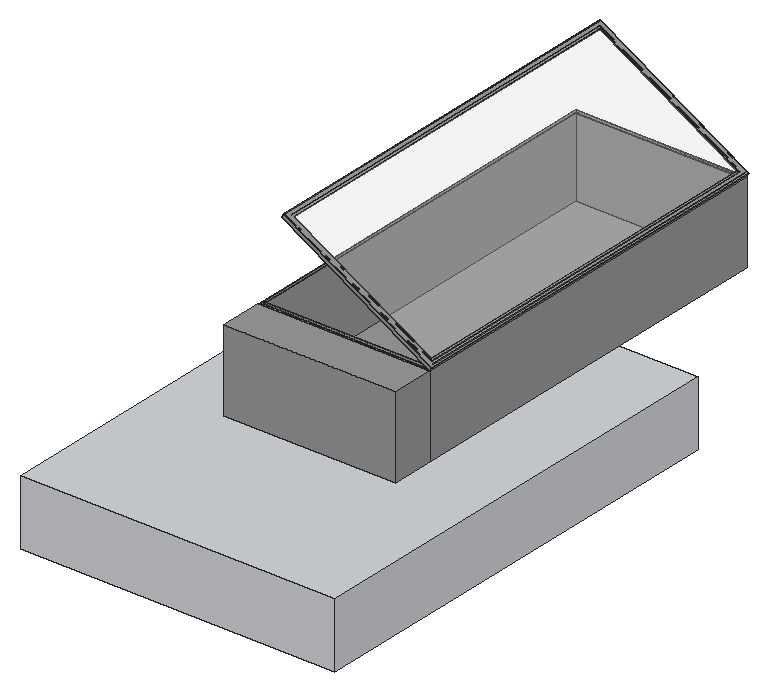
Revit family "Hager-Univers-IP55-D400-H2050-Cl.II-Steel_encl-DE-de", category Equipement électrique, Revit 2020
Family settings
  Hôte = Face
  Configuration du panneau = Deux colonnes, circuits au sein
  Cote de connecteur circulaire = Utiliser le diamètre
  Type d'élément = Tableau de raccordement
  Couper avec des vides une fois chargée = Non
  Partagée = Non
  Point de calcul de pièce = Non
Parameters (values of type "Bodenaufstellung IP55 B800 H2050 T400  - FR23U2")
  Width Control [instance] = if([EF000008 - Breite] > Min Width, [EF000008 - Breite], Min Width)  # 800 mm
  Commentaires du type = [HG000003 - Bereich]  # "Univers"
  Thickness Door [instance] = if([EF009171 - Materialstärke Tür/Deckel] > 3 mm, 3 mm, [EF009171 - Materialstärke Tür/Deckel])  # 1.5 mm
  Seal Frame Offset [instance] = 17 mm  # constant formula
  Plinth Visibility [instance] = [HG000027 - Sockelhöhe] > 0 mm  # yes
  Model = ""
  Min Width [instance] = 100 mm  # constant formula
  Min Height [instance] = 100 mm  # constant formula
  Min Depth [instance] = (2 * [EF009170 - Materialstärke Gehäuse]) + 1 mm  # 4 mm
  Internal Frame Depth [instance] = (Door System Depth * 0.5)  # 9 mm
  Height Control [instance] = if([EF000040 - Höhe] > Min Height, [EF000040 - Höhe], Min Height)  # 2050 mm
  HG000027 - Sockelhöhe = 200 mm
  HG000026 - Stehend auf dem Boden = yes
  HG000024 - Höhe des unteren Teils = 800 mm
  HG000023 - Gehäuse mit doppeltem Querschnitt = no
  HG000016 - 3D-Türsichtbarkeit [instance] = yes
  HG000015 - Sichtbarkeit der Türöffnung [instance] = no
  HG000014 - Tür rechts [instance] = yes
  HG000013 - Tür links [instance] = not([HG000014 - Tür rechts])  # no
  HG000012 - Türschwenkwinkel [instance] = 30.00°
  HG000010 - Asymmetrische Türen = no
  HG000009 - Doppelflügeligen Tür = no
  HG000006 - Unterputz = no
  HG000004 - Herstellerreferenz = "FR23U2"
  HG000003 - Bereich = "Univers"
  HG000002 - Mit tür = yes
  Frame Offset Bottom [instance] = 10 mm  # constant formula
  Frame Offset [instance] = 15 mm  # constant formula
  EF015940 - Deckel mit Überdruckentlastung = no
  EF011959 - Schutzart (NEMA) = ""
  EF009554 - Anzahl der Öffnungen für Flanschplatten = 6
  Fabricant = "Hager"  # constant formula
  EF009212 - Ausführung Deckel = "EV000116 - geschlossen"
  EF009171 - Materialstärke Tür/Deckel = 1.5 mm
  EF009170 - Materialstärke Gehäuse = 1.5 mm
  EF008873 - Nennstrom (In) = 800 A
  EF007800 - Geeignet für Blitzschutz = no
  EF006306 - Mit Schloss = no
  EF006244 - Transparenter Deckel/Tür = yes
  EF005474 - Schutzart (IP) = "EV006420 - IP55"
  EF004464 - Art der Tür = "EV002646 - Einzel"
  EF004427 - Anzahl der Module = 432
  EF004293 - Schlagfestigkeit = "EV008784 - IK10"
  EF003532 - Geeignet für Außengebrauch = no
  EF002950 - Breite in Teilungseinheiten = 24
  EF001613 - Funktionserhalt = "EV000494 - ohne"
  EF001596 - Werkstoff des Gehäuses = "EV000179 - Stahl"
  EF001131 - Innentiefe = 400 mm
  EF001088 - Anbaumöglichkeit = yes
  EF000437 - Anzahl der Leitungseinführungen = 6
  EF000339 - Art der Abdeckung = "EV004216 - Tür"
  EF000266 - Anzahl der Reihen = 12
  EF000218 - Einbautiefe = 0 mm
  EF000118 - Mit Montageplatte = no
  EF000116 - RAL-Nummer = "7035"
  EF000049 - Tiefe = 400 mm
  EF000040 - Höhe = 2050 mm
  EF000008 - Breite = 800 mm
  EF000007 - Farbe = "EV000270 - grau"
  EF000003 - Montageart = "EV012274 - Bodenaufstellung"
  Door System Leaf Tolerance [instance] = 1.5 mm  # constant formula
  Door System Depth [instance] = 18 mm  # constant formula
  Door Height [instance] = Height Control - [HG000027 - Sockelhöhe]  # 1850 mm
  Depth Control [instance] = if([EF000049 - Tiefe] > Min Depth, [EF000049 - Tiefe], Min Depth)  # 400 mm
  Default Elevation = 0 mm
  Connector Offset [instance] = Height Control / 2  # 1025 mm
  Bottom Top Plate Trim [instance] = 1.5 mm  # constant formula
  Plinth height Ctrl [instance] = if([HG000027 - Sockelhöhe] > 0 mm, [HG000027 - Sockelhöhe], 12 mm)  # 200 mm
Types (11, lengths in mm): name | Width Control | HG000010 - Asymmetrische Türen | HG000009 - Doppelflügeligen Tür | HG000004 - Herstellerreferenz | EF009554 - Anzahl der Öffnungen für Flanschplatten | EF006244 - Transparenter Deckel/Tür | EF004464 - Art der Tür | EF004427 - Anzahl der Module | EF000437 - Anzahl der Leitungseinführungen | EF000008 - Breite
  Bodenaufstellung IP55 B1050 H2050 T400  - FR24H2 | 1050 | yes | yes | "FR24H2" | 8 | no | "EV003602 - Doppel" | 576 | 8 | 1050
  Bodenaufstellung IP55 B1050 H2050 T400  - FR24U2 | 1050 | yes | yes | "FR24U2" | 8 | yes | "EV003602 - Doppel" | 576 | 8 | 1050
  Bodenaufstellung IP55 B1300 H2050 T400  - FR25H2 | 1300 | yes | yes | "FR25H2" | 10 | no | "EV003602 - Doppel" | 720 | 10 | 1300
  Bodenaufstellung IP55 B1300 H2050 T400  - FR25U2 | 1300 | yes | yes | "FR25U2" | 10 | yes | "EV003602 - Doppel" | 720 | 10 | 1300
  Bodenaufstellung IP55 B1550 H2050 T400  - FR26H2 | 1550 | yes | yes | "FR26H2" | 12 | no | "EV003602 - Doppel" | 864 | 12 | 1550
  Bodenaufstellung IP55 B1550 H2050 T400  - FR26U2 | 1550 | yes | yes | "FR26U2" | 12 | yes | "EV003602 - Doppel" | 864 | 12 | 1550
  Bodenaufstellung IP55 B300 H2050 T400  - FR21H2 | 300 | no | no | "FR21H2" | 2 | no | "EV002646 - Einzel" | 144 | 2 | 300
  Bodenaufstellung IP55 B550 H2050 T400  - FR22H2 | 550 | no | no | "FR22H2" | 4 | no | "EV002646 - Einzel" | 288 | 4 | 550
  Bodenaufstellung IP55 B550 H2050 T400  - FR22U2 | 550 | no | no | "FR22U2" | 4 | yes | "EV002646 - Einzel" | 288 | 4 | 550
  Bodenaufstellung IP55 B800 H2050 T400  - FR23H2 | 800 | no | no | "FR23H2" | 6 | no | "EV002646 - Einzel" | 432 | 6 | 800
  Bodenaufstellung IP55 B800 H2050 T400  - FR23U2 | 800 | no | no | "FR23U2" | 6 | yes | "EV002646 - Einzel" | 432 | 6 | 800
Reference planes
  plane 1 "Center (Front/Back)": y = 0
  plane 2: z = 0
  plane 3 "Center (Left/Right)": x = 0
  plane 4: z = 400
  plane 5: y = 201.5
  plane 6: y = 1125
  plane 7: y = 200
  plane 8: y = 2050
  plane 9: z = 0
  plane 10: x = -385
  plane 11: x = 385
  plane 12: x = 383.5
  plane 13: x = -383.5
  plane 14: y = 2048.5
  plane 15: x = -383
  plane 16: x = -400
  plane 17: x = 383
  plane 18: x = 400
  plane 19: x = 398.5
  plane 20: x = -398.5
  plane 21: y = 211.5
  plane 22: y = 2050
  plane 23: y = 2033.5
  plane 24: z = 382
  plane 25: z = 1.5
  plane 26: z = 380.5
  plane 27: z = 398.5
Forms (mm)
  Extrusion 1, solid
    sketch origin (0, 0, 0) x (1, 0, 0) y (0, 1, 0)
      loop
        line (-702.964, 1305) -> (-702.964, -811.445) -> (766.763, -811.445) -> (766.763, 1305) -> (-702.964, 1305)
    from 0 to -304.8
  Extrusion 2, solid, material "Hager_Steel_RAL7035_Light_Grey", visible <- "Plinth Visibility", detail levels medium+fine
    sketch origin (0, 0, 0) x (1, 0, 0) y (0, 1, 0)
      loop
        line (-400, 0) -> (400, 0) -> (400, 200) -> (-400, 200) -> (-400, 0)
    from 0 to 382
  Extrusion 3, solid, material "Hager_Steel_RAL7035_Light_Grey", detail levels medium+fine
    sketch origin (0, 0, 0) x (1, 0, 0) y (0, 1, 0)
      loop
        line (-400, 200) -> (400, 200) -> (400, 2050) -> (-400, 2050) -> (-400, 200)
    from 0 to 382
  Extrusion 4, void
    sketch origin (0, 0, 0) x (1, 0, 0) y (0, 1, 0)
      loop
        line (-398.5, 201.5) -> (398.5, 201.5) -> (398.5, 2048.5) -> (-398.5, 2048.5) -> (-398.5, 201.5)
    from 1.5 to 380.5
  Extrusion 5, void
    sketch origin (-381.607, -4572, 382) x (0, -1, 0) y (-1, 0, 0)
      loop
        line (-4783.5, 1.893) -> (-6605.5, 1.893) -> (-6605.5, -765.107) -> (-4783.5, -765.107) -> (-4783.5, 1.893)
    from 0 to 1.5 <- "EF009170 - Materialstärke Gehäuse"
  Extrusion 6, solid, material "Hager_Steel_RAL7035_Light_Grey", detail levels fine
    sketch origin (0, 0, 382) x (1, 0, 0) y (0, 1, 0)
      loop
        line (-383.5, 2033.5) -> (-383.5, 211.5) -> (383.5, 211.5) -> (383.5, 2033.5) -> (-383.5, 2033.5)
      loop
        line (-385, 210) -> (385, 210) -> (385, 2035) -> (-385, 2035) -> (-385, 210)
    from 0 to 9 <- "Internal Frame Depth"
  Extrusion 7, solid, material "Hager_Steel_RAL7035_Light_Grey", detail levels coarse
    sketch origin (0, 0, 0) x (1, 0, 0) y (0, 1, 0)
      loop
        line (-400, 0) -> (400, 0) -> (400, 2050) -> (-400, 2050) -> (-400, 0)
    from 0 to 400
  Sweep 8, void
    path in 3D
      loop
        line (-400, 200, 0) -> (400, 200, 0) -> (400, 200, 382) -> (-400, 200, 382) -> (-400, 200, 0)
    profile origin (-400, 200, 191) x (-1, 0, 0) y (0, -1, 0)
      loop
        line (0, 0) -> (0, 1.5) -> (-1.5, 1.5)
        arc (-1.5, 1.5) -> (-1.061, 0.439) -> (0, 0) r 1.5
Cuts and joins
  Extrusion 4, Extrusion 5 cuts Extrusion 3
  Sweep 8 cuts Extrusion 2
Lines and regions (mm)
  Masking region 1
    outline origin (0, 0, 0) x (1, 0, 0) y (0, 0, 1)
      loop
        line (-400, 400) -> (-400, 0) -> (400, 0) -> (400, 400) -> (-400, 400)
  Masking region 2, detail levels medium+fine
    outline origin (0, 140, 0) x (0, 1, 0) y (0, 0, 1)
      loop
        line (60, 0) -> (1910, 0) -> (1910, 382) -> (60, 382) -> (60, 0)
  Masking region 3, not visible, detail levels medium+fine
    outline origin (0, 297.922, 0) x (0, 1, 0) y (0, 0, 1)
      loop
        line (838.578, 0) -> (878.578, 0) -> (878.578, 388.5)
        arc (878.578, 388.5) -> (875.649, 395.571) -> (868.578, 398.5) r 10
        line (868.578, 398.5) -> (838.578, 398.5) -> (838.578, 0)
  Masking region 4, detail levels coarse
    outline origin (0, 0, 180) x (0, 1, 0) y (0, 0, 1)
      loop
        line (0, -180) -> (2050, -180) -> (2050, 220) -> (0, 220) -> (0, -180)
  Masking region 5, visible <- "Plinth Visibility", detail levels medium+fine
    outline origin (0, 52.24, 12.345) x (0, 0, -1) y (0, 1, 0)
      loop
        line (10.845, 147.76) -> (-368.155, 147.76)
        arc (-368.155, 147.76) -> (-368.594, 146.699) -> (-369.655, 146.26) r 1.5
        line (-369.655, 146.26) -> (-369.655, -52.24) -> (12.345, -52.24) -> (12.345, 146.26)
        arc (12.345, 146.26) -> (11.285, 146.699) -> (10.845, 147.76) r 1.5
  Masking region 6, detail levels medium+fine
    outline origin (-381.607, -4572, 382) x (-1, 0, 0) y (0, -1, 0)
      loop
        line (18.393, -6622) -> (18.393, -4772) -> (-781.607, -4772) -> (-781.607, -6622) -> (18.393, -6622)
  Masking region 7, visible <- "Plinth Visibility", detail levels medium+fine
    outline origin (-381.607, -4727, 382) x (-1, 0, 0) y (0, -1, 0)
      loop
        arc (16.893, -4927) -> (17.332, -4925.939) -> (18.393, -4925.5) r 1.5
        line (18.393, -4925.5) -> (18.393, -4727) -> (-781.607, -4727) -> (-781.607, -4925.5)
        arc (-781.607, -4925.5) -> (-780.546, -4925.939) -> (-780.107, -4927) r 1.5
        line (-780.107, -4927) -> (16.893, -4927)
  Masking region 8, detail levels coarse
    outline origin (-442.548, -4669.526, 382) x (-1, 0, 0) y (0, -1, 0)
      loop
        line (-42.548, -6719.526) -> (-42.548, -4669.526) -> (-842.548, -4669.526) -> (-842.548, -6719.526) -> (-42.548, -6719.526)
  sketch lines
    curve 1: line (-400, 200, 382) -> (-400, 200, 0)
    curve 2: line (400, 200, 382) -> (-400, 200, 382)
    curve 3: line (400, 200, 382) -> (400, 200, 0)
    curve 4: line (-400, 200, 0) -> (400, 200, 0)
Dimensions and locks
  "Depth Control": plane 4 to Extrusion 1
  "HG000027 - Sockelhöhe": plane 1 "Center (Front/Back)" to plane 7
  "EF009170 - Materialstärke Gehäuse": plane 5 to plane 7
  locked: connector elem to plane 3 "Center (Left/Right)"
  equal spacing: plane 8, plane 6, plane 7
  locked: connector elem to plane 6
  "EF009170 - Materialstärke Gehäuse": plane 8 to plane 14
  "EF009170 - Materialstärke Gehäuse": plane 10 to plane 13
  "EF009170 - Materialstärke Gehäuse": plane 12 to plane 11
  "Frame Offset": plane 20 to plane 13
  "Frame Offset": plane 12 to plane 19
  "EF009170 - Materialstärke Gehäuse": plane 16 to plane 20
  "EF009170 - Materialstärke Gehäuse": plane 19 to plane 18
  "Seal Frame Offset": plane 16 to plane 15
  "Seal Frame Offset": plane 17 to plane 18
  "Frame Offset Bottom": plane 21 to plane 5
  "Frame Offset": plane 14 to plane 23
  equal spacing: plane 16, plane 3 "Center (Left/Right)", plane 18
  "Width Control": plane 16 to plane 18
  "EF009170 - Materialstärke Gehäuse": plane 4 to plane 27
  "EF009170 - Materialstärke Gehäuse": plane 24 to plane 26
  "EF009170 - Materialstärke Gehäuse": plane 25 to level
  "Door System Depth": plane 4 to plane 24
  "Height Control": plane 1 "Center (Front/Back)" to Extrusion 7 sketch curve
  "Height Control": Masking region 4 sketch curve to plane 1 "Center (Front/Back)"
  "Height Control": plane 1 "Center (Front/Back)" to plane 22
  "Bottom Top Plate Trim": profile plane to Sweep 8 sketch curve
  "Bottom Top Plate Trim": Sweep 8 sketch curve to profile plane
  "Plinth height Ctrl": plane 1 "Center (Front/Back)" to Extrusion 2 sketch curve
  "Plinth height Ctrl": Masking region 5 sketch curve to plane 1 "Center (Front/Back)"
  "Plinth height Ctrl": plane 1 "Center (Front/Back)" to Masking region 7 sketch curve
  "Thickness Door": Extrusion 6 sketch curve to Extrusion 6 sketch curve  (x3)
  "Thickness Door": cut or joined group of Extrusion 3, Extrusion 4, Extrusion 5 to Extrusion 6 sketch curve
  radius of Masking region 3 sketch curve = 10 mm
  "Bottom Top Plate Trim": radius of Masking region 5 sketch curve  (x2)
  "Bottom Top Plate Trim": radius of Sweep 8 sketch curve
  "Bottom Top Plate Trim": radius of Masking region 7 sketch curve  (x2)
  aligned and locked: plane 2 to Extrusion 1
  aligned and locked: level to Extrusion 1
  aligned and locked: level to Masking region 1 sketch curve
  aligned and locked: Masking region 1 sketch curve to plane 18
  aligned and locked: Masking region 1 sketch curve to plane 16
  aligned and locked: plane 7 to Masking region 2 sketch curve
  aligned and locked: level to Masking region 3 sketch curve
  aligned and locked: Masking region 3 sketch curve to plane 27
  aligned and locked: level to Masking region 2 sketch curve
  aligned and locked: plane 1 "Center (Front/Back)" to Extrusion 2 sketch curve
  aligned and locked: Extrusion 3 sketch curve to plane 7
  aligned and locked: plane 16 to Extrusion 3 sketch curve
  aligned and locked: plane 18 to Extrusion 3 sketch curve
  aligned and locked: plane 20 to Extrusion 4 sketch curve
  aligned and locked: plane 19 to Extrusion 4 sketch curve
  aligned and locked: Extrusion 4 sketch curve to plane 5
  aligned and locked: Extrusion 4 to plane 25
  aligned and locked: plane 26 to Extrusion 4
  aligned and locked: plane 24 to Extrusion 3
  aligned and locked: Extrusion 5 sketch curve to plane 21
  aligned and locked: Extrusion 5 sketch curve to plane 13
  aligned and locked: Extrusion 5 sketch curve to plane 12
  aligned and locked: plane 18 to Extrusion 7 sketch curve
  aligned and locked: plane 1 "Center (Front/Back)" to Extrusion 7 sketch curve
  aligned and locked: plane 16 to Extrusion 7 sketch curve
  aligned and locked: plane 4 to Extrusion 7
  aligned and locked: Extrusion 7 to level
  aligned and locked: level to Masking region 4 sketch curve
  aligned and locked: Masking region 4 sketch curve to plane 1 "Center (Front/Back)"
  aligned and locked: Masking region 4 sketch curve to plane 4
  aligned and locked: nested 1 to level
  aligned and locked: nested 1 to plane 16
  aligned and locked: plane 8 to Extrusion 3 sketch curve
  aligned and locked: plane 23 to Extrusion 5 sketch curve
  aligned and locked: plane 14 to Extrusion 4 sketch curve
  aligned and locked: Masking region 2 sketch curve to plane 8
  aligned and locked: level to Masking region 5 sketch curve
  aligned and locked: plane 16 to Extrusion 2 sketch curve
  aligned and locked: plane 18 to Extrusion 2 sketch curve
  aligned and locked: Masking region 5 sketch curve to plane 24
  aligned and locked: Masking region 2 sketch curve to plane 24
  aligned and locked: plane 24 to Extrusion 2
  aligned and locked: profile plane to Sweep 8 sketch curve  (x2)
  aligned and locked: Masking region 6 sketch curve to plane 18
  aligned and locked: Masking region 6 sketch curve to plane 22
  aligned and locked: Masking region 6 sketch curve to plane 16
  aligned and locked: plane 8 to plane 22
  aligned and locked: Masking region 6 sketch curve to plane 7
  aligned and locked: Masking region 7 sketch curve to plane 16
  aligned and locked: Masking region 7 sketch curve to plane 1 "Center (Front/Back)"
  aligned and locked: Masking region 7 sketch curve to plane 18
  aligned and locked: Masking region 8 sketch curve to plane 1 "Center (Front/Back)"
  aligned and locked: Masking region 8 sketch curve to plane 18
  aligned and locked: Masking region 8 sketch curve to plane 22
  aligned and locked: Masking region 8 sketch curve to plane 16
  aligned and locked: nested 2 to plane 7
  aligned and locked: plane 3 "Center (Left/Right)" to nested 2
  aligned and locked: nested 2 to plane 24
  aligned and locked: Extrusion 6 sketch curve to cut or joined group of Extrusion 3, Extrusion 4, Extrusion 5  (x4)
Automatic sketch dimensions
  Extrusion 1 sketch curve to Extrusion 1 sketch curve = 1469.727 mm
  Extrusion 1 sketch curve to Extrusion 1 sketch curve = 2116.445 mm
  Masking region 1 sketch curve to plane 4 = 0 mm
  plane 6 to Masking region 3 sketch curve = 11.5 mm
  Masking region 3 sketch curve to Masking region 3 sketch curve = 30 mm
  Masking region 5 sketch curve to plane 1 "Center (Front/Back)" = 0 mm
Nested families
  nested 1: "Hager_Enclosure_Symbol" at (-400, 0, 0) x (1, 0, 0) z (0, -1, 0), Height <- "Depth Control", Width <- "Width Control", type "Hager_Enclosure_Symbol"
    with Width_Ctrl 800 mm, Width 800 mm, Height_Ctrl 400 mm, Height 400 mm, A_Width_Int 26.25 mm, A_Width 315 mm, A_Height_Ctrl 350 mm, A_Height 350 mm
  nested 2: "EC000058_Univers_Door" at (0, 200, 382) x (1, 0, 0) z (0, 1, 0), Leaf_Tolerance <- "Door System Leaf Tolerance", Angle <- "HG000012 - Türschwenkwinkel", Door_Depth <- "Door System Depth", Door_Left <- "HG000013 - Tür links", Transparent <- "EF006244 - Transparenter Deckel/Tür", Assymetrical <- "HG000010 - Asymmetrische Türen", Width <- "Width Control", Clearance <- "HG000015 - Sichtbarkeit der Türöffnung", Double <- "HG000009 - Doppelflügeligen Tür", 3d_Door <- "HG000016 - 3D-Türsichtbarkeit", Lock_Visibility <- "EF006306 - Mit Schloss", Width_Ctrl <- "Width Control", Door_Right <- "HG000014 - Tür rechts", Door <- "HG000002 - Mit tür", Height <- "Door Height", Thickness <- "Thickness Door", type "EC000058_Univers_Door", detail levels medium+fine
    with min_wh 4 mm, Width_Ctrl 800 mm, Width 800 mm, Transparent yes, Thickness 1.5 mm, Seal_Material Hager_Rubber, Lock_Visibility no, Lock_Material Hager_Plastic_RAL9005_Jet_Black, Leaf_Width 800 mm, Leaf_Tolerance_External_Sides 0 mm, Leaf_Tolerance 1.5 mm, Leaf_Offset 0 mm, Leaf_Height 1847 mm, Leaf_2_Width 800 mm, Leaf_2_Offset 400 mm, Leaf_1_Width 800 mm, Leaf_1_Offset 400 mm, Height_Ctrl 1850 mm, Height 1850 mm, Glass_Material Hager_Glass, Double_Clearance_Ctrl no, Double no, Door_Right_Ctrl yes, Door_Right yes, Door_Material Hager_Steel_RAL7035_Light_Grey, Door_Left_Ctrl no, Door_Left no, Door_Depth 18 mm, Door yes, Clearance_Material Hager_Clearance, Clearance_Depth 800 mm, Clearance_Ctrl no, Clearance no, Assymetrical no, Angle 30.00°, 3d_Door yes
Connectors
  electrical at (0, 1125, 0)
    settings: on plane 9, index 1, voltage 0 V, apparent load 0 VA, apparent load phase1 0 VA, apparent load phase2 0 VA, apparent load phase3 0 VA, power factor 1, load classification "Other", number of poles 1, system type 30, power factor state 1, is connector primary yes, connector utility no, sub classification motor no, connector description ""
Definition of nested family "EC000058_Univers_Door"
  Parameters (values of type "EC000058_Univers_Door")
    min_wh [instance] = (2 * Thickness) + 1 mm  # 11 mm
    Width_Ctrl [instance] = 400 mm
    Width [instance] = 500 mm
    Transparent [instance] = yes
    Thickness [instance] = 5 mm
    Seal_Material [instance] = none
    Lock_Visibility [instance] = yes
    Lock_Material [instance] = none
    Leaf_Width [instance] = if((Width_Ctrl - 2 * Leaf_Tolerance_External_Sides) > 0 mm, (Width_Ctrl - 2 * Leaf_Tolerance_External_Sides), min_wh)  # 400 mm
    Leaf_Tolerance_External_Sides [instance] = 0 mm  # constant formula
    Leaf_Tolerance [instance] = 1.5 mm
    Leaf_Offset [instance] = 0 mm  # constant formula
    Leaf_Height [instance] = if((Height_Ctrl - 2 * Leaf_Tolerance) > 0 mm, (Height_Ctrl - 2 * Leaf_Tolerance), min_wh)  # 497 mm
    Leaf_2_Width [instance] = if(and(and(Double, Assymetrical), Door_Left), (Leaf_Width / 3) - (Leaf_Tolerance / 2), if(and(and(Double, Assymetrical), Door_Right), (Leaf_Width / 3) * 2 - (Leaf_Tolerance / 2), if(and(Double, not(Assymetrical)), (Leaf_Width / 2) - Leaf_Tolerance, Leaf_Width)))  # 400 mm
    Leaf_2_Offset [instance] = if(and(Double, Assymetrical), Leaf_2_Width / 2, if(and(Double, not(Assymetrical)), Leaf_Width / 4, Leaf_Width / 2))  # 200 mm
    Leaf_1_Width [instance] = if(and(and(Double, Assymetrical), Door_Right), (Leaf_Width / 3) - (Leaf_Tolerance / 2), if(and(and(Double, Assymetrical), Door_Left), (Width / 3) * 2 - (Leaf_Tolerance / 2), if(and(Double, not(Assymetrical)), (Leaf_Width / 2) - Leaf_Tolerance, Leaf_Width)))  # 400 mm
    Leaf_1_Offset [instance] = if(and(Double, Assymetrical), Leaf_1_Width / 2, if(and(Double, not(Assymetrical)), Leaf_Width / 4, Leaf_Width / 2))  # 200 mm
    Height_Ctrl [instance] = if(Height > min_wh, Height, min_wh)  # 500 mm
    Height [instance] = 500 mm
    Glass_Material [instance] = none
    Double_Clearance_Ctrl [instance] = and(Double, Clearance)  # no
    Double [instance] = no
    Door_Right_Ctrl [instance] = and(or(Door_Right, Double), Door)  # yes
    Door_Right [instance] = yes
    Door_Material [instance] = none
    Door_Left_Ctrl [instance] = and(or(Door_Left, Double), Door)  # no
    Door_Left [instance] = no
    Door_Depth [instance] = 30 mm
    Door [instance] = yes
    Default Elevation = 1219.2 mm
    Clearance_Material [instance] = none
    Clearance_Depth [instance] = if(Leaf_1_Width > Leaf_2_Width, Leaf_1_Width, Leaf_2_Width)  # 400 mm
    Clearance_Ctrl [instance] = and(not(Double), Clearance)  # yes
    Clearance [instance] = yes
    Assymetrical [instance] = yes
    Angle [instance] = 30.00°
    3d_Door [instance] = yes
  Reference planes
    plane 1 "Center (Front/Back)": y = 0
    plane 2 "Bottom": z = 0
    plane 3 "Center (Left/Right)": x = 0
    plane 4: z = 500
    plane 5: x = -200
    plane 6: x = 200
    plane 7: z = 500
    plane 8: x = -200
    plane 9: z = 0
    plane 10: x = 200
    plane 11: y = 0
    plane 12: z = 1.5
    plane 13: x = -600
    plane 14: y = -400
    plane 15: x = 600
    plane 16: x = 0
    plane 17: x = 0
    plane 18: x = -200
    plane 19: x = 200
    plane 20: z = 498.5
  Forms (mm)
    Extrusion 1, solid, material <- "Clearance_Material", visible <- "Double_Clearance_Ctrl"
      sketch origin (1200, 0, 0) x (1, 0, 0) y (0, 0, -1)
        loop
          line (-1800, -498.5) -> (-600, -498.5) -> (-600, 0) -> (-1800, 0) -> (-1800, -498.5)
      from 0 to -400
  Dimensions and locks
    equal spacing: plane 5, plane 3 "Center (Left/Right)", plane 6
    "Width_Ctrl": plane 5 to plane 6
    "Leaf_Offset": plane 5 to plane 8
    "Leaf_Offset": plane 6 to plane 10
    "Leaf_Offset": plane 9 to level
    "Leaf_Offset": plane 4 to plane 7
    "Height_Ctrl": plane 4 to level
    "Leaf_Tolerance": plane 12 to plane 9
    locked: plane 11 to plane 1 "Center (Front/Back)"
    "Leaf_1_Offset": plane 18 to plane 16
    "Leaf_2_Offset": plane 17 to plane 19
    "Leaf_1_Width": plane 13 to plane 8
    "Leaf_2_Width": plane 10 to plane 15
    "Clearance_Depth": plane 14 to plane 1 "Center (Front/Back)"
    "Leaf_Tolerance_External_Sides": plane 8 to plane 18
    "Leaf_Tolerance_External_Sides": plane 19 to plane 10
    "Leaf_Tolerance": plane 7 to plane 20
    aligned and locked: level to plane 2 "Bottom"
    aligned and locked: nested 1 to plane 16
    aligned and locked: nested 2 to plane 17
    aligned and locked: Extrusion 1 to plane 13
    aligned and locked: plane 15 to Extrusion 1
    aligned and locked: Extrusion 1 to plane 14
    aligned and locked: plane 12 to nested 1
    aligned and locked: nested 2 to plane 12
    aligned and locked: Extrusion 1 to plane 11
    aligned and locked: plane 20 to Extrusion 1
    aligned and locked: nested 2 to plane 11
    aligned and locked: nested 1 to plane 11
  Automatic sketch dimensions
    Extrusion 1 sketch curve to level = 0 mm
    plane 5 to Extrusion 1 sketch curve = 400 mm
    plane 6 to Extrusion 1 sketch curve = 400 mm
    Extrusion 1 sketch curve to plane 4 = 1.5 mm
  Nested families
    nested 1: "EC000058_Univers_Door_Leaf" at (0, 0, 1.5), Width <- "Leaf_1_Width", visible <- "Door_Left_Ctrl", Leaf_Height <- "Leaf_Height", Angle <- "Angle", 3d_Door <- "3d_Door", Transparent <- "Transparent", Clearance Material <- "Clearance_Material", Clearance <- "Clearance_Ctrl", Door_Material <- "Door_Material", Glass_Material <- "Glass_Material", Door_Depth <- "Door_Depth", Lock_Material <- "Lock_Material", Seal_Material <- "Seal_Material", Lock_Visibility <- "Lock_Visibility", Thickness <- "Thickness", type "EC000058_Univers_Door_Leaf"
      with Width 400 mm, Transparent_Glass_Offset 30 mm, Transparent_Ctrl yes, Transparent yes, Thickness 5 mm, Standard no, Seal_Material none, Seal_D2 8 mm, Seal_D1 1 mm, Offset_Internal_Frame 10 mm, Lock_Width 20 mm, Lock_Visibility_3d yes, Lock_Visibility yes, Lock_Thickness_3 3 mm, Lock_Thickness_2 1 mm, Lock_Thickness_1 3 mm, Lock_Radius_Offset_2 16 mm, Lock_Radius_Offset_1 15 mm, Lock_Radius_2 5 mm, Lock_Radius 6 mm, Lock_Offset 5 mm, Lock_Material none, Lock_Height 80 mm, Lock_Cover_Top_Offset_2d 17 mm, Lock_Cover_Height -65 mm, Leaf_Height 497 mm, Internal_Seal_Thickness 8 mm, Internal_Seal_Depth_2 4.5 mm, Internal_Frame_Depth 25 mm, Glass_Thickness -1 mm, Glass_Offset -2 mm, Glass_Material none, Door_Material none, Door_Depth 30 mm, Clearance Material none, Clearance yes, Angle_Ctrl 30.00°, Angle 30.00°, 3d_Door yes
    nested 2: "EC000058_Univers_Door_Leaf" at (0, 0, 1.5) x (-1, 0, 0) z (0, 0, 1), Width <- "Leaf_2_Width", visible <- "Door_Right_Ctrl", Leaf_Height <- "Leaf_Height", Angle <- "Angle", 3d_Door <- "3d_Door", Transparent <- "Transparent", Clearance Material <- "Clearance_Material", Clearance <- "Clearance_Ctrl", Door_Material <- "Door_Material", Glass_Material <- "Glass_Material", Door_Depth <- "Door_Depth", Lock_Material <- "Lock_Material", Seal_Material <- "Seal_Material", Lock_Visibility <- "Lock_Visibility", Thickness <- "Thickness", type "EC000058_Univers_Door_Leaf"
      with Width 400 mm, Transparent_Glass_Offset 30 mm, Transparent_Ctrl yes, Transparent yes, Thickness 5 mm, Standard no, Seal_Material none, Seal_D2 8 mm, Seal_D1 1 mm, Offset_Internal_Frame 10 mm, Lock_Width 20 mm, Lock_Visibility_3d yes, Lock_Visibility yes, Lock_Thickness_3 3 mm, Lock_Thickness_2 1 mm, Lock_Thickness_1 3 mm, Lock_Radius_Offset_2 16 mm, Lock_Radius_Offset_1 15 mm, Lock_Radius_2 5 mm, Lock_Radius 6 mm, Lock_Offset 5 mm, Lock_Material none, Lock_Height 80 mm, Lock_Cover_Top_Offset_2d 17 mm, Lock_Cover_Height -65 mm, Leaf_Height 497 mm, Internal_Seal_Thickness 8 mm, Internal_Seal_Depth_2 4.5 mm, Internal_Frame_Depth 25 mm, Glass_Thickness -1 mm, Glass_Offset -2 mm, Glass_Material none, Door_Material none, Door_Depth 30 mm, Clearance Material none, Clearance yes, Angle_Ctrl 30.00°, Angle 30.00°, 3d_Door yes
  Definition of nested family "EC000058_Univers_Door_Leaf"
    Parameters (values of type "EC000058_Univers_Door_Leaf")
      Width [instance] = 2000 mm
      Transparent_Glass_Offset [instance] = 30 mm
      Transparent_Ctrl [instance] = and(Transparent, [3d_Door])  # yes
      Transparent [instance] = yes
      Thickness [instance] = 5 mm
      Standard [instance] = and(not(Transparent), [3d_Door])  # no
      Seal_Material [instance] = none
      Seal_D2 [instance] = 8 mm  # constant formula
      Seal_D1 [instance] = 1 mm  # constant formula
      Offset_Internal_Frame [instance] = 10 mm  # constant formula
      Lock_Width [instance] = 20 mm  # constant formula
      Lock_Visibility_3d [instance] = and(Lock_Visibility, [3d_Door])  # yes
      Lock_Visibility [instance] = yes
      Lock_Thickness_3 [instance] = 3 mm  # constant formula
      Lock_Thickness_2 [instance] = 1 mm  # constant formula
      Lock_Thickness_1 [instance] = 3 mm  # constant formula
      Lock_Radius_Offset_2 [instance] = Lock_Radius_Offset_1 + 1 mm  # 16 mm
      Lock_Radius_Offset_1 [instance] = 15 mm  # constant formula
      Lock_Radius_2 [instance] = Lock_Radius - 1 mm  # 5 mm
      Lock_Radius [instance] = 6 mm  # constant formula
      Lock_Offset [instance] = 5 mm  # constant formula
      Lock_Material [instance] = none
      Lock_Height [instance] = 80 mm  # constant formula
      Lock_Cover_Top_Offset_2d [instance] = Lock_Radius_Offset_2 + 1 mm  # 17 mm
      Lock_Cover_Height [instance] = -(Lock_Height - Lock_Radius_Offset_1)  # -65 mm
      Leaf_Height [instance] = 2720.336 mm
      Internal_Seal_Thickness [instance] = 8 mm  # constant formula
      Internal_Seal_Depth_2 [instance] = 4.5 mm  # constant formula
      Internal_Frame_Depth [instance] = if(Door_Depth - Thickness > 5 mm, Door_Depth - Thickness, 5 mm)  # 25 mm
      Glass_Thickness [instance] = if(Thickness > 15 mm, Glass_Offset + 10 mm, -1 mm)  # -1 mm
      Glass_Offset [instance] = if(Thickness > 15 mm, -(Thickness + 10 mm) / 2, -2 mm)  # -2 mm
      Glass_Material [instance] = none
      Door_Material [instance] = none
      Door_Depth [instance] = 30 mm
      Default Elevation = 0 mm
      Clearance Material [instance] = none
      Clearance [instance] = yes
      Angle_Ctrl [instance] = if(Angle > 180.00°, 180.00°, Angle)  # 90.00°
      Angle [instance] = 90.00°
      3d_Door [instance] = yes
    Reference planes
      plane 1 "Center (Front/Back)": y = 0
      plane 2: z = 0
      plane 3 "Center (Left/Right)": x = 0
      plane 4: y = 2000
      plane 5: x = -1000
      plane 6: x = 1000
      plane 7: x = -3000
      plane 8: z = 2720.336
      plane 9: z = 30
      plane 10: z = 2690.336
      plane 11: x = 970
      plane 12: x = -970
      plane 13: y = -3
      plane 14: z = 107.833
      plane 15: y = -5
      plane 16: y = -223.314
      plane 17: x = -1000
      plane 18: z = 1360.168
      plane 19: y = 30
    Forms (mm)
      Extrusion 1, solid, material <- "Clearance Material", visible <- "Clearance"
        sketch origin (0, 0, 0) x (1, 0, 0) y (0, 0, 1)
          loop
            line (-3000, 2720.336) -> (-3000, 0) -> (1000, 0) -> (1000, 2720.336) -> (-3000, 2720.336)
        from 0 to -2000
      Extrusion 2, solid, material <- "Door_Material", visible <- "Standard", detail levels medium+fine
        sketch origin (-1000, 0, 0) x (0, 1, 0) y (-1, 0, 0)
          loop
            line (0, 30) -> (0, 25) -> (2000, 25) -> (2000, 30) -> (0, 30)
        from 0 to 2720.336 <- "Leaf_Height"
      Extrusion 3, solid, material <- "Door_Material", visible <- "Transparent_Ctrl", detail levels medium+fine
        sketch origin (-1000, 0, 0) x (0, 1, 0) y (-1, 0, 0)
          loop
            line (0, 25) -> (2000, 25) -> (2000, 30) -> (0, 30) -> (0, 25)
        from 0 to 2720.336 <- "Leaf_Height"
      Extrusion 4, void
        sketch origin (-1025, 2000, 0) x (0, 1, 0) y (0, 0, -1)
          loop
            line (-30, -2690.336) -> (-30, -30) -> (-1970, -30) -> (-1970, -2690.336) -> (-30, -2690.336)
        from 0 to 5 <- "Thickness"
      Sweep 5, solid, material <- "Seal_Material", visible <- "Transparent_Ctrl", detail levels fine
        path in 3D
          loop
            line (-1025, 30, 30) -> (-1025, 30, 2690.336) -> (-1025, 1970, 2690.336) -> (-1025, 1970, 30) -> (-1025, 30, 30)
        profile origin (-1025, 1000, 30) x (1, 0, 0) y (0, 0, 1)
          loop
            line (0, 0) -> (0, -8) -> (1, -8) -> (1, 0) -> (0, 0)
      Extrusion 6, solid, material <- "Glass_Material", visible <- "Transparent_Ctrl", detail levels medium+fine
        sketch origin (-1030, 0, 0) x (0, 1, 0) y (0, 0, -1)
          loop
            line (1970, -2690.336) -> (1970, -30) -> (30, -30) -> (30, -2690.336) -> (1970, -2690.336)
        from -2 <- "Glass_Offset" to -1 <- "Glass_Thickness"
      Extrusion 7, solid, material <- "Door_Material", visible <- "3d_Door", detail levels medium+fine
        sketch origin (-1025, 2000, 0) x (0, -1, 0) y (0, 0, -1)
          loop
            line (0, -2720.336) -> (2000, -2720.336) -> (2000, 0) -> (0, 0) -> (0, -2720.336)
          loop
            line (1995, -5) -> (5, -5) -> (5, -2715.336) -> (1995, -2715.336) -> (1995, -5)
        from 0 to 25 <- "Internal_Frame_Depth"
      Sweep 8, solid, material <- "Seal_Material", visible <- "Transparent_Ctrl", detail levels fine
        path in 3D
          loop
            line (-1025, 0, 0) -> (-1025, 2000, 0) -> (-1025, 2000, 2720.336) -> (-1025, 0, 2720.336) -> (-1025, 0, 0)
        profile origin (-1025, 0, 1360.168) x (1, 0, 0) y (0, 1, 0)
          loop
            line (0, 10) -> (2.975, 10)
            arc (2.975, 10) -> (4.053, 10.447) -> (4.5, 11.525) r 1.525
            line (4.5, 11.525) -> (4.5, 16.527)
            arc (4.5, 16.527) -> (4.069, 17.569) -> (3.027, 18) r 1.473
            line (3.027, 18) -> (0, 18) -> (0, 10)
      Extrusion 9, solid, material <- "Lock_Material", visible <- "Lock_Visibility_3d", detail levels fine
        sketch origin (-1030, 0, 0) x (0, 1, 0) y (0, 0, -1)
          loop
            arc (1993.5, -1400.168) -> (1994.561, -1399.729) -> (1995, -1398.668) r 1.5
            line (1995, -1398.668) -> (1995, -1320.168) -> (1975, -1320.168) -> (1975, -1398.668)
            arc (1975, -1398.668) -> (1975.439, -1399.729) -> (1976.5, -1400.168) r 1.5
            line (1976.5, -1400.168) -> (1993.5, -1400.168)
        from 3 <- "Lock_Thickness_1" to 0
      Blend 10, solid, material <- "Lock_Material", visible <- "Lock_Visibility_3d", detail levels fine
        base sketch origin (-1033, 0, 0) x (0, 1, 0) y (0, 0, -1)
          loop
            line (1975, -1320.168) -> (1975, -1398.668)
            arc (1975, -1398.668) -> (1975.439, -1399.729) -> (1976.5, -1400.168) r 1.5
            line (1976.5, -1400.168) -> (1993.5, -1400.168)
            arc (1993.5, -1400.168) -> (1994.561, -1399.729) -> (1995, -1398.668) r 1.5
            line (1995, -1398.668) -> (1995, -1320.168) -> (1975, -1320.168)
        top sketch origin (-1033, 0, 0) x (0, 1, 0) y (0, 0, -1)
          loop
            line (1976, -1320.168) -> (1976, -1398.668)
            arc (1976, -1398.668) -> (1976.146, -1399.022) -> (1976.5, -1399.168) r 0.5
            line (1976.5, -1399.168) -> (1993.5, -1399.168)
            arc (1993.5, -1399.168) -> (1993.854, -1399.022) -> (1994, -1398.668) r 0.5
            line (1994, -1398.668) -> (1994, -1320.168) -> (1976, -1320.168)
        from 0 to 1 <- "Lock_Thickness_2"
      Blend 11, solid, material <- "Lock_Material", visible <- "Lock_Visibility_3d", detail levels fine
        base sketch origin (-1034, 0, 0) x (0, 1, 0) y (0, 0, -1)
          loop
            line (1978, -1320.168) -> (1978, -1384.168)
            arc (1978, -1384.168) -> (1985, -1391.168) -> (1992, -1384.168) r 7
            line (1992, -1384.168) -> (1992, -1320.168) -> (1978, -1320.168)
        top sketch origin (-1034, 0, 0) x (0, 1, 0) y (0, 0, -1)
          loop
            line (1991, -1320.168) -> (1979, -1320.168) -> (1979, -1383.168)
            arc (1979, -1383.168) -> (1985, -1389.168) -> (1991, -1383.168) r 6
            line (1991, -1383.168) -> (1991, -1320.168)
        from 0 to 3 <- "Lock_Thickness_3"
      Extrusion 12, solid, material <- "Lock_Material", visible <- "Lock_Visibility_3d", detail levels fine
        sketch origin (-1030, 1975, 1320.168) x (1, 0, 0) y (0, -1, 0)
          loop
            line (-7, -19) -> (-7, -1) -> (0, -1) -> (0, 0) -> (-8, 0) -> (-8, -20) -> (0, -20) -> (0, -19) -> (-7, -19)
        from 0 to -65 <- "Lock_Cover_Height"
      Extrusion 13, void
        sketch origin (-1038, 1995, 1320.168) x (-1, 0, 0) y (0, 0, -1)
          loop
            line (-5, -65) -> (0, -65) -> (-5, -60) -> (-5, -65)
        from 0 to 20 <- "Lock_Width"
      Extrusion 14, void
        sketch origin (-1038, 1975, 1320.168) x (0, -1, 0) y (0, 0, -1)
          loop
            circle (-10, -15.995) r 6
          loop
            circle (-10, -15.995) r 5
        from 0 to 2
      Extrusion 15, solid, material <- "Lock_Material", visible <- "Lock_Visibility_3d", detail levels medium
        sketch origin (-1030, 0, 0) x (0, 1, 0) y (0, 0, -1)
          loop
            arc (1993.5, -1400.168) -> (1994.561, -1399.729) -> (1995, -1398.668) r 1.5
            line (1995, -1398.668) -> (1995, -1320.168) -> (1975, -1320.168) -> (1975, -1398.668)
            arc (1975, -1398.668) -> (1975.439, -1399.729) -> (1976.5, -1400.168) r 1.5
            line (1976.5, -1400.168) -> (1993.5, -1400.168)
        from 8 to 0
    Cuts and joins
      Extrusion 4 cuts Extrusion 3
      Extrusion 13, Extrusion 14 cuts Extrusion 9
      Extrusion 14 cuts Blend 11
      Extrusion 13, Extrusion 14 cuts Extrusion 12
      joined: Extrusion 9, Blend 10, Blend 11, Extrusion 12
      Extrusion 14 cuts Extrusion 15
    Lines and regions (mm)
      Masking region 1, visible <- "Lock_Visibility", detail levels fine
        outline origin (0, 0, 0) x (0, 1, 0) y (0, 0, 1)
          loop
            line (30, 1320.168) -> (33, 1320.168) -> (33, 1400.168) -> (30, 1400.168) -> (30, 1320.168)
      Masking region 2, visible <- "Lock_Visibility", detail levels fine
        outline origin (0, 3.143, 0) x (0, 1, 0) y (0, 0, 1)
          loop
            line (29.857, 1354.168) -> (30.857, 1354.168) -> (30.857, 1366.168) -> (29.857, 1366.168) -> (29.857, 1354.168)
      Masking region 3, detail levels medium+fine
        outline origin (0, 0, 0) x (0, 1, 0) y (0, 0, 1)
          loop
            line (0, 0) -> (30, 0) -> (30, 2720.336) -> (0, 2720.336) -> (0, 0)
      Masking region 4, detail levels medium+fine
        outline origin (0, 0, 0) x (1, 0, 0) y (0, 0, 1)
          loop
            line (-1000, 2720.336) -> (-1000, 0) -> (1000, 0) -> (1000, 2720.336) -> (-1000, 2720.336)
      Masking region 5, visible <- "Lock_Visibility", detail levels fine
        outline origin (-47.116, 0, 0) x (1, 0, 0) y (0, 0, 1)
          loop
            arc (1024.616, 1399.168) -> (1023.556, 1398.729) -> (1023.116, 1397.668) r 1.5
            line (1023.116, 1397.668) -> (1023.116, 1320.168) -> (1041.116, 1320.168) -> (1041.116, 1397.668)
            arc (1041.116, 1397.668) -> (1040.677, 1398.729) -> (1039.616, 1399.168) r 1.5
            line (1039.616, 1399.168) -> (1024.616, 1399.168)
      Masking region 6, visible <- "Lock_Visibility", detail levels medium+fine
        outline origin (-25, 0, 0) x (1, 0, 0) y (0, 0, 1)
          loop
            arc (1001.5, 1400.168) -> (1000.439, 1399.729) -> (1000, 1398.668) r 1.5
            line (1000, 1398.668) -> (1000, 1320.168) -> (1020, 1320.168) -> (1020, 1398.668)
            arc (1020, 1398.668) -> (1019.561, 1399.729) -> (1018.5, 1400.168) r 1.5
            line (1018.5, 1400.168) -> (1001.5, 1400.168)
      Masking region 7, visible <- "Lock_Visibility", detail levels fine
        outline origin (-73.735, 0, 0) x (1, 0, 0) y (0, 0, 1)
          loop
            line (1051.735, 1382.168) -> (1065.735, 1382.168) -> (1065.735, 1384.168)
            arc (1065.735, 1384.168) -> (1058.735, 1391.168) -> (1051.735, 1384.168) r 7
            line (1051.735, 1384.168) -> (1051.735, 1382.168)
      Masking region 8, visible <- "Lock_Visibility", detail levels fine
        outline origin (-73.735, 0, 0) x (1, 0, 0) y (0, 0, 1)
          loop
            line (1052.735, 1382.168) -> (1064.735, 1382.168) -> (1064.735, 1383.168)
            arc (1064.735, 1383.168) -> (1058.735, 1389.168) -> (1052.735, 1383.168) r 6
            line (1052.735, 1383.168) -> (1052.735, 1382.168)
      Masking region 9, visible <- "Lock_Visibility", detail levels fine
        outline origin (-25, 0, 0) x (1, 0, 0) y (0, 0, 1)
          loop
            line (1020, 1320.168) -> (1020, 1382.168) -> (1000, 1382.168) -> (1000, 1320.168) -> (1020, 1320.168)
      Masking region 10, detail levels medium+fine
        outline origin (0, 0, 0) x (1, 0, 0) y (0, 0, 1)
          loop
            circle (985, 1335.144) r 6
      Masking region 11, detail levels fine
        outline origin (0, 0, 0) x (1, 0, 0) y (0, 0, 1)
          loop
            circle (985, 1335.144) r 5
      Masking region 12, visible <- "Lock_Visibility", detail levels fine
        outline origin (0, 12.767, 0) x (0, 1, 0) y (0, 0, 1)
          loop
            line (20.233, 1320.168) -> (21.233, 1320.168) -> (21.233, 1399.168) -> (20.233, 1400.168) -> (20.233, 1320.168)
      Masking region 13, visible <- "Lock_Visibility", detail levels fine
        outline origin (0, 13.767, -10) x (0, 1, 0) y (0, 0, 1)
          loop
            line (20.233, 1330.168) -> (23.233, 1330.168) -> (23.233, 1399.168) -> (20.233, 1402.168) -> (20.233, 1330.168)
      Masking region 14, visible <- "Lock_Visibility", detail levels fine
        outline origin (0, 12.767, -10) x (0, 1, 0) y (0, 0, 1)
          loop
            line (20.233, 1330.168) -> (25.233, 1330.168) -> (25.233, 1399.305) -> (20.233, 1394.305) -> (20.233, 1330.168)
      Masking region 15, visible <- "Lock_Visibility", detail levels medium
        outline origin (0, 0, 0) x (0, 1, 0) y (0, 0, 1)
          loop
            line (30, 1320.168) -> (38, 1320.168) -> (38, 1400.168) -> (30, 1400.168) -> (30, 1320.168)
      Masking region 16, visible <- "Lock_Visibility", detail levels fine
        outline origin (-1000, 0, 0) x (0, 1, 0) y (-1, 0, 0)
          loop
            line (1975, 30) -> (1995, 30) -> (1995, 38) -> (1975, 38) -> (1975, 30)
          loop
            line (1979, 37) -> (1976, 37) -> (1976, 34) -> (1978, 34) -> (1979, 37)
          loop
            line (1994, 37) -> (1991, 37) -> (1992, 34) -> (1994, 34) -> (1994, 37)
      Masking region 17, visible <- "Lock_Visibility", detail levels medium
        outline origin (-1000, 0, 0) x (0, 1, 0) y (-1, 0, 0)
          loop
            line (1975, 30) -> (1995, 30) -> (1995, 38) -> (1975, 38) -> (1975, 30)
      symbolic lines
        curve 1: line (1000, 0, 0) -> (-3000, 0, 0)
        curve 2: arc (1000, 0, 0) -> (-1000, 2000, 0) -> (-3000, 0, 0) r 2000
        curve 4: line (-1030, 0, 0) -> (-1030, 2000, 0)
      reference lines
        curve 3: line (-1000, 0, 0) -> (-1000, 2000, 0)
      symbolic lines, detail levels medium+fine
        curve 5: line (-1030, 2000, 0) -> (-1025, 2000, 0)
        curve 7: line (-1025, 0, 0) -> (-1030, 0, 0)
        curve 8: line (-1025, 0, 0) -> (-1000, 0, 0)
        curve 9: line (-1000, 0, 0) -> (-1000, 2000, 0)
        curve 10: line (-1000, 2000, 0) -> (-1025, 2000, 0)
      symbolic lines, detail levels fine
        curve 6: line (-1025, 2000, 0) -> (-1025, 0, 0)
      sketch lines
        curve 11: line (-1025, 0, 2720.336) -> (-1025, 0, 0)
        curve 12: line (-1025, 2000, 0) -> (-1025, 0, 0)
        curve 13: line (-1025, 2000, 2720.336) -> (-1025, 2000, 0)
        curve 14: line (-1025, 0, 2720.336) -> (-1025, 2000, 2720.336)
        curve 15: line (-1025, 1970, 30) -> (-1025, 30, 30)
        curve 16: line (-1025, 30, 30) -> (-1025, 30, 2690.336)
        curve 17: line (-1025, 1970, 2690.336) -> (-1025, 1970, 30)
        curve 18: line (-1025, 30, 2690.336) -> (-1025, 1970, 2690.336)
      symbolic lines, visible <- "Transparent", detail levels medium+fine
        curve 19: line (-970, 0, 2690.336) -> (970, 0, 2690.336)
        curve 20: line (-970, 0, 30) -> (-970, 0, 2690.336)
        curve 21: line (970, 0, 30) -> (-970, 0, 30)
        curve 22: line (970, 0, 2690.336) -> (970, 0, 30)
    Dimensions and locks
      "Width": plane 1 "Center (Front/Back)" to plane 4
      equal spacing: plane 5, plane 3 "Center (Left/Right)", plane 6
      "Width": plane 5 to plane 6
      "Width": plane 7 to plane 5
      "Leaf_Height": plane 8 to level
      "Width": curve 5 to curve 3
      "Width": curve 3 to curve 3
      plane 8 to plane 10 = 30 mm
      plane 9 to level = 30 mm
      plane 12 to plane 5 = 30 mm
      plane 6 to plane 11 = 30 mm
      Extrusion 1 to Extrusion 4 sketch curve = 30 mm
      "Transparent_Glass_Offset": curve 3 to Extrusion 4 sketch curve
      "Transparent_Glass_Offset": Extrusion 4 sketch curve to cut or joined group of Extrusion 3, Extrusion 4  (x2)
      cut or joined group of Extrusion 3, Extrusion 4 to Extrusion 6 sketch curve = 30 mm
      "Transparent_Glass_Offset": cut or joined group of Extrusion 3, Extrusion 4 to Extrusion 4 sketch curve
      "Thickness": curve 6 to curve 4
      "Thickness": Extrusion 7 sketch curve to Extrusion 7 sketch curve  (x4)
      "Door_Depth": curve 4 to curve 3
      "Offset_Internal_Frame": profile plane to Sweep 8 sketch curve
      "Internal_Seal_Thickness": Sweep 8 sketch curve to Sweep 8 sketch curve
      "Internal_Seal_Depth_2": profile plane to Sweep 8 sketch curve
      "Seal_D1": profile plane to Sweep 5 sketch curve
      "Seal_D2": profile plane to Sweep 5 sketch curve
      "Thickness": Extrusion 2 sketch curve to Extrusion 2 sketch curve
      equal spacing: Extrusion 9 sketch curve, plane 18, Extrusion 9 sketch curve  (x2)
      equal spacing: Masking region 1 sketch curve, plane 18, Masking region 1 sketch curve
      "Lock_Height": Masking region 1 sketch curve to Masking region 1 sketch curve
      "Lock_Radius": Masking region 2 sketch curve to plane 18 to Masking region 2 sketch curve
      Masking region 2 sketch curve to Masking region 1 = 1 mm
      "Door_Depth": plane 19 to plane 1 "Center (Front/Back)"
      "Lock_Thickness_1": Masking region 1 sketch curve to plane 19
      "Lock_Width": Extrusion 9 sketch curve to Extrusion 9 sketch curve
      "Lock_Height": Extrusion 9 sketch curve to Extrusion 9 sketch curve
      "Lock_Offset": cut or joined group of Extrusion 3, Extrusion 4 to Extrusion 9 sketch curve
      equal spacing: plane 8, plane 18, level
      "Lock_Radius_Offset_1": Blend 11 sketch curve to Blend 10
      locked: Blend 10 to Blend 11 sketch curve at 2  (x2)
      locked: var sketch to Blend 11 sketch curve at 1  (x2)
      "Lock_Radius_Offset_2": Blend 11 sketch curve to Blend 10
      locked: Extrusion 12 sketch curve to Extrusion 12 sketch curve at 1  (x3)
      Masking region 6 sketch curve to Masking region 6 sketch curve = 80 mm
      "Lock_Height": Masking region 6 sketch curve to Masking region 6 sketch curve
      "Lock_Width": Masking region 6 sketch curve to Masking region 6 sketch curve
      locked: Masking region 6 to Masking region 5 sketch curve at 1  (x3)
      locked: Masking region 5 to Masking region 7 sketch curve at 2  (x2)
      "Lock_Radius_Offset_1": Masking region 5 to Masking region 7 sketch curve
      "Lock_Radius_Offset_2": Masking region 5 to Masking region 8 sketch curve
      locked: Masking region 7 to Masking region 8 sketch curve at 1  (x2)
      "Lock_Cover_Top_Offset_2d": Masking region 5 to Masking region 9 sketch curve
      equal spacing: Masking region 9, Masking region 10 sketch curve, Masking region 9
      equal spacing: Masking region 9, Masking region 11 sketch curve, Masking region 9
      Extrusion 15 sketch curve to Extrusion 15 sketch curve = 80 mm
      "Lock_Width": Extrusion 15 sketch curve to Extrusion 15 sketch curve
      "Lock_Height": Extrusion 15 sketch curve to Extrusion 15 sketch curve
      equal spacing: Extrusion 15 sketch curve, plane 18, Extrusion 15 sketch curve
      "Lock_Thickness_3": Masking region 13 sketch curve to Masking region 13 sketch curve
      "Lock_Height": Masking region 12 sketch curve to Masking region 12 sketch curve
      locked: Masking region 13 sketch curve to Masking region 1 at 8
      locked: Masking region 14 sketch curve to Masking region 13 at 1
      locked: Masking region 14 sketch curve to Masking region 1 at 10.863
      "Lock_Height": Masking region 15 sketch curve to Masking region 15 sketch curve
      "Lock_Offset": Extrusion 15 sketch curve to cut or joined group of Extrusion 3, Extrusion 4
      "Lock_Offset": plane 6 to Masking region 6 sketch curve
      radius of Sweep 8 sketch curve = 1.525 mm
      radius of Sweep 8 sketch curve = 1.473 mm
      radius of Extrusion 9 sketch curve = 1.5 mm  (x2)
      "Lock_Radius": radius of Extrusion 14 sketch curve
      "Lock_Radius_2": radius of Extrusion 14 sketch curve
      "Lock_Radius": radius of Masking region 10 sketch curve
      "Lock_Radius_2": radius of Masking region 11 sketch curve
      radius of Extrusion 15 sketch curve = 1.5 mm  (x2)
      "Angle_Ctrl": angle plane 1 "Center (Front/Back)" to curve 3
      locked: Masking region 12 sketch curve to Masking region 12 sketch curve (angle 45.00°)
      locked: Masking region 13 sketch curve to Masking region 13 sketch curve (angle 45.00°)
      locked: Masking region 14 sketch curve to Masking region 14 sketch curve (angle 45.00°)
      aligned and locked: level to plane 2
      aligned and locked: Extrusion 1 to curve 1
      aligned and locked: plane 6 to Extrusion 1
      aligned and locked: Extrusion 1 to plane 1 "Center (Front/Back)"
      aligned and locked: plane 4 to Extrusion 1
      aligned and locked: plane 8 to Extrusion 1
      aligned and locked: curve 7 to Extrusion 2 sketch curve
      aligned and locked: curve 5 to Extrusion 2 sketch curve
      aligned and locked: curve 7 to Extrusion 3 sketch curve
      aligned and locked: Extrusion 3 sketch curve to curve 4
      aligned and locked: Extrusion 3 sketch curve to curve 6
      aligned and locked: Extrusion 3 sketch curve to curve 5
      aligned and locked: curve 9 to curve 3
      aligned and locked: Extrusion 7 sketch curve to cut or joined group of Extrusion 3, Extrusion 4  (x4)
      aligned and locked: plane 17 to curve 3
      aligned and locked: plane 1 "Center (Front/Back)" to curve 3
      aligned and locked: plane 17 to plane 5
      aligned and locked: Sweep 8 sketch curve to profile plane
      aligned and locked: Sweep 5 sketch curve to profile plane  (x2)
      aligned and locked: Masking region 1 to Masking region 2 sketch curve
      aligned and locked: plane 19 to Masking region 1 sketch curve
      aligned and locked: plane 1 "Center (Front/Back)" to Masking region 3 sketch curve
      aligned and locked: plane 19 to Masking region 3 sketch curve
      aligned and locked: level to Masking region 3 sketch curve
      aligned and locked: Masking region 3 sketch curve to plane 8
      aligned and locked: plane 17 to Masking region 4 sketch curve
      aligned and locked: level to Masking region 4 sketch curve
      aligned and locked: Masking region 4 sketch curve to plane 8
      aligned and locked: plane 12 to curve 20
      aligned and locked: plane 10 to curve 19
      aligned and locked: plane 11 to curve 22
      aligned and locked: curve 21 to plane 9
      aligned and locked: Extrusion 2 sketch curve to cut or joined group of Extrusion 3, Extrusion 4
      aligned and locked: Blend 10 sketch curve to Extrusion 9  (x4)
      aligned and locked: Extrusion 9 to Blend 10 sketch curve
      aligned and locked: Blend 10 to Blend 11 sketch curve
      aligned and locked: Extrusion 12 sketch curve to Blend 11
      aligned and locked: Extrusion 12 sketch curve to Extrusion 9  (x4)
      aligned and locked: Masking region 5 sketch curve to Masking region 6
      aligned and locked: Masking region 9 sketch curve to Masking region 6  (x3)
      aligned and locked: Masking region 12 sketch curve to Masking region 1
      aligned and locked: Masking region 13 sketch curve to Masking region 1
      aligned and locked: Masking region 12 to Masking region 14
      aligned and locked: Masking region 14 sketch curve to Masking region 1
      aligned and locked: Masking region 15 sketch curve to Masking region 14
      aligned and locked: Masking region 13 sketch curve to Masking region 12
      aligned and locked: Masking region 16 sketch curve to cut or joined group of Extrusion 14, Extrusion 15  (x4)
      aligned and locked: Masking region 16 sketch curve to cut or joined group of Extrusion 9, Blend 10, Blend 11, Extrusion 12, Extrusion 13, Extrusion 14  (x6)
      aligned and locked: cut or joined group of Extrusion 9, Blend 10, Blend 11, Extrusion 12, Extrusion 13, Extrusion 14 to Masking region 16 sketch curve
      aligned and locked: Masking region 17 sketch curve to cut or joined group of Extrusion 14, Extrusion 15  (x3)
      aligned and locked: Masking region 17 sketch curve to cut or joined group of Extrusion 9, Blend 10, Blend 11, Extrusion 12, Extrusion 13, Extrusion 14
      aligned and locked: Masking region 9 to Masking region 8 sketch curve
      aligned and locked: Masking region 9 to Masking region 7 sketch curve
    Automatic sketch dimensions
      plane 1 "Center (Front/Back)" to curve 2 = 0 mm
      curve 2 to plane 5 = 0 mm
      Extrusion 1 sketch curve to level = 0 mm
      Extrusion 1 sketch curve to plane 7 = 0 mm
      Extrusion 1 sketch curve to plane 6 = 0 mm
      Extrusion 1 sketch curve to plane 8 = 0 mm
      Extrusion 3 to Extrusion 6 sketch curve = 30 mm  (x4)
      Masking region 4 sketch curve to plane 6 = 0 mm
      Blend 10 sketch curve to Extrusion 9 = 1.5 mm
      Blend 10 sketch curve to Extrusion 9 = 1 mm
      Extrusion 13 sketch curve to Extrusion 12 = 0 mm  (x2)
      Extrusion 12 to Extrusion 13 sketch curve = 3 mm
      Extrusion 13 sketch curve to Extrusion 12 = 5 mm
      Extrusion 14 sketch curve to Extrusion 14 sketch curve = 0 mm  (x2)
      Extrusion 14 sketch curve to Extrusion 12 = 10 mm
      Extrusion 14 sketch curve to Extrusion 12 = 15.995 mm
      Masking region 5 sketch curve to Masking region 5 sketch curve = 1.5 mm  (x2)
      Masking region 10 sketch curve to plane 18 = 25.024 mm
      Masking region 11 sketch curve to plane 18 = 25.024 mm
      plane 19 to Masking region 14 sketch curve = 3 mm
      Masking region 16 sketch curve to Masking region 16 sketch curve = 3 mm
      curve 4 to curve 3 = 0 mm
      Blend 10 to Blend 11 sketch curve = 0 mm
      Masking region 6 sketch curve to Masking region 6 sketch curve = 1.5 mm  (x2)
      Masking region 6 sketch curve to plane 18 = 40 mm
      plane 19 to Masking region 12 sketch curve = 3 mm
      Masking region 12 sketch curve to Masking region 12 sketch curve = 1 mm
      Masking region 15 sketch curve to plane 19 = 0 mm
      Masking region 15 sketch curve to plane 18 = 40 mm
      radius of Blend 10 sketch curve to Extrusion 9 = 1 mm
Definition of nested family "Hager_Enclosure_Symbol"
  Parameters (values of type "Hager_Enclosure_Symbol")
    Width_Ctrl [instance] = if(Width > 1 mm, Width, 1 mm)  # 102.27 mm
    Width [instance] = 102.27 mm
    Height_Ctrl [instance] = if(Height > 1 mm, Height, 1 mm)  # 66.5 mm
    A_Width_Int [instance] = if(A_Width / 12 > 2 mm, A_Width / 12, 2 mm)  # 4.364 mm
    A_Width [instance] = if(A_Height_Ctrl * 0.9 > 2 mm, A_Height_Ctrl * 0.9, 2 mm)  # 52.369 mm
    A_Height_Ctrl [instance] = if(A_Height > 2 mm, A_Height, 2 mm)  # 58.188 mm
    Height [instance] = 66.5 mm
    A_Height [instance] = Height - (Height / 8)  # 58.188 mm
  Reference planes
    plane 1 "Centre (avant/arrière)": y = 0
    plane 2: z = 0
    plane 3 "Centre (gauche/droite)": x = 0
    plane 4: x = 52.369
    plane 5: y = 33.042
    plane 6: y = 41.77
    plane 7: y = 66.5
    plane 8: x = 26.184
    plane 9: y = 37.406
    plane 10: x = 102.27
    plane 11: y = 66.5
    plane 12: y = 8.313
  Lines and regions (mm)
    Filled region 1, type "Solid_Black", in view "Niveau de réf."
      outline origin (0, 0, 0) x (1, 0, 0) y (0, 1, 0)
        loop
          line (52.369, 66.5) -> (33.188, 54.536) -> (45.365, 45.006) -> (52.369, 66.5)
    Filled region 2, type "Solid_Black", in view "Niveau de réf."
      outline origin (0, 0, 0) x (1, 0, 0) y (0, 1, 0)
        loop
          line (0, 0) -> (102.27, 0) -> (102.27, 66.5) -> (0, 0)
    detail lines, in view "Niveau de réf."
      curve 1: line (0, 8.313, 0) -> (26.184, 41.77, 0)
      curve 2: line (26.184, 41.77, 0) -> (26.184, 33.042, 0)
      curve 3: line (26.184, 33.042, 0) -> (52.369, 66.5, 0)
  Dimensions and locks
    "A_Width": plane 3 "Centre (gauche/droite)" to plane 4
    equal spacing: plane 3 "Centre (gauche/droite)", plane 8, plane 4
    equal spacing: plane 6, plane 9, plane 5
    equal spacing: curve 3, Filled region 1 sketch curve, Filled region 1 sketch curve
    "Height_Ctrl": plane 1 "Centre (avant/arrière)" to plane 11
    "A_Height_Ctrl": plane 11 to plane 12
    equal spacing: plane 11, plane 9, plane 12
    "A_Width_Int": plane 6 to plane 9
    "Width_Ctrl": plane 3 "Centre (gauche/droite)" to plane 10
    angle Filled region 1 sketch curve to curve 3 = 20.00°
    angle curve 3 to Filled region 1 sketch curve = 20.00°
    locked: curve 3 to Filled region 1 sketch curve (angle 90.00°)
    aligned and locked: plane 10 to Filled region 2
    aligned and locked: plane 11 to Filled region 2 sketch curve
    aligned and locked: plane 10 to Filled region 2 sketch curve
    aligned and locked: plane 3 "Centre (gauche/droite)" to curve 1
    aligned and locked: plane 12 to curve 1
    aligned and locked: plane 7 to plane 11
  Automatic sketch dimensions
    Filled region 1 sketch curve to plane 4 = 0 mm
    Filled region 1 sketch curve to plane 7 = 0 mm
    plane 1 "Centre (avant/arrière)" to Filled region 2 sketch curve = 0 mm
    Filled region 2 sketch curve to plane 3 "Centre (gauche/droite)" = 0 mm
    curve 2 to plane 6 = 0 mm
    curve 2 to plane 8 = 0 mm
    curve 3 to plane 4 = 0 mm
    curve 2 to plane 5 = 0 mm
    curve 3 to plane 7 = 0 mm
